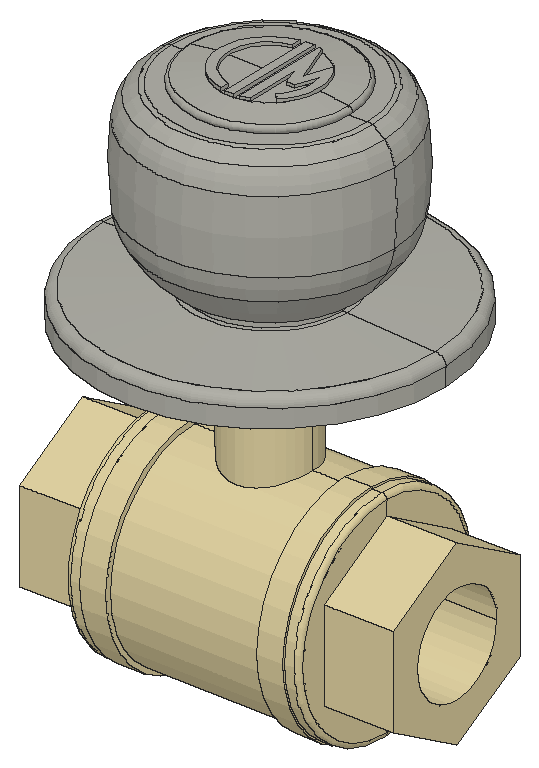
Revit family "QD20330000", category Apparecchi idraulici, Revit 2020
Family settings
  Quota connettore circolare = Usa diametro
  Tipo di parte = Normale
  Numero OmniClass = 23.45.00.00
  Titolo OmniClass = Sanitary, Laundry, and Cleaning Equipment
  Basato su piano di lavoro = No
  Sempre verticale = Sì
  Taglio con vuoti quando caricato = No
  Condiviso = No
  Punto di calcolo locali = No
Parameters
  URL = "https://web.cimberio.it/index.php/figura/1481?subcategoria_id=43151"
  Temperatura di esercizio = "-20 ÷ 90°C"
  Prospetto di default = 0 mm
  Produttore = "CIMBERIO SPA"
  Pressione nominale = "PN 25"
  Modello = "Cim 26S"
  Materiale = "Prodotto in lega di ottone conforme alla norma EN 12165-CW617N-DW"
  Descrizione = "Utilizzato nei più svariati settori dell'impiantistica: impianti di riscaldamento, condizionamento, idrici, igienico-sanitari, aria compressa e in generale con ogni fluido non corrosivo"
  DN Model [instance] = QD20331020 : QD20331020
  DN [instance] = 20 mm
  Commenti sul tipo = "Realizzato in ottemperanza ai requisiti gestionali della norma EN ISO 9001.\r\nCollaudato al 100% secondo la normativa EN 12266-1"
Reference planes
  plane 1 "Centro (Fronte/Retro)": y = 0
  plane 2: z = 0
  plane 3 "Centro (Sinistra/Destra)": x = 0
Dimensions and locks
  aligned and locked: level to plane 2
Nested families
  nested 1: "QD20331020" at (0, 0, 0), type <- "DN Model", type "QD20331020"
  nested 2: "QD20331020" at (0, 0, 0), type <- "DN Model", type "QD20331020"
  nested 3: "QD20331020" at (0, 0, 0), type <- "DN Model", type "QD20331020"
  nested 4: "QD20331020" at (0, 0, 0), type <- "DN Model", type "QD20331020"
  nested 5: "QD20331020" at (0, 0, 0), type <- "DN Model", type "QD20331020"
  nested 6: "QD20331020" at (0, 0, 0), type <- "DN Model", type "QD20331020"
  nested 7: "QD20331020" at (0, 0, 0), type <- "DN Model", type "QD20331020"
  nested 8: "QD20331020" at (0, 0, 0), type <- "DN Model", type "QD20331020"
  nested 9: "QD20331020" at (0, 0, 0), type <- "DN Model", type "QD20331020"
  nested 10: "QD20331020" at (0, 0, 0), type <- "DN Model", type "QD20331020"
  nested 11: "QD20331020" at (0, 0, 0), type <- "DN Model", type "QD20331020"
  nested 12: "QD20331020" at (0, 0, 0), type <- "DN Model", type "QD20331020"
  nested 13: "QD20331020" at (0, 0, 0), type <- "DN Model", type "QD20331020"
Connectors
  piping at (37.2, 0, 0), diameter 20, driven by "DN"
    settings: on nested 1, index 1, connector inside diameter 609.6 mm, connector length 0 mm, flow factor 0, pipe flow 0.0 L/s, pressure drop 0.0 Pa, fitting loss kfactor 0, connector angle 0.00°, fixture units 0, engagement length 0 mm, angle of deflection 0.00°, flow configuration 0, flow direction 0, fitting loss method 0, system type 7, joint type 0, gender type 0, connector reference index -1, connector utility 0, adjustable connector no, is connector primary yes, connector description ""
  piping at (-37.2, 0, 0), diameter 20, driven by "DN"
    settings: on nested 1, index 2, connector inside diameter 609.6 mm, connector length 0 mm, flow factor 0, pipe flow 0.0 L/s, pressure drop 0.0 Pa, fitting loss kfactor 0, connector angle 0.00°, fixture units 0, engagement length 0 mm, angle of deflection 0.00°, flow configuration 0, flow direction 0, fitting loss method 0, system type 7, joint type 0, gender type 0, connector reference index -1, connector utility 0, adjustable connector no, is connector primary no, connector description ""
Definition of nested family "QD20331020"
  Parameters (values of type "QD20331020")
    Default Elevation = 0 mm
  Reference planes
    plane 1 "Centro (Fronte/Retro)": y = 0
    plane 2: z = 0
    plane 3 "Centro (Sinistra/Destra)": x = 0
  Forms (mm)
    Extrusion 1, solid
      sketch origin (0, 0, 0) x (0, 1, 0) y (0, 0, 1)
        loop
          circle (0, 0) r 10
        loop
          line (0, 18) -> (-15.588, 9) -> (-15.588, -9) -> (0, -18) -> (15.588, -9) -> (15.588, 9) -> (0, 18)
      from -37.2 to -23.2
    Revolve 2, solid
      sketch origin (0, 0, 0) x (1, 0, 0) y (0, 0, 1)
        loop
          arc (23.2, 20.75) -> (22.907, 21.457) -> (22.2, 21.75) r 1
          line (22.2, 21.75) -> (20.2, 21.75) -> (20.2, 10) -> (23.2, 10) -> (23.2, 20.75)
        axis (20.2, 0) -> (23.2, 0)
      angle from 0 to 360
    Revolve 3, solid
      sketch origin (0, 0, 9) x (1, 0, 0) y (0, 0, 1)
        loop
          line (-5, 36) -> (-14.95, 36) -> (-14.45, 35) -> (-10.5, 35)
          arc (-10.5, 35) -> (-9.086, 34.414) -> (-8.5, 33) r 2
          line (-8.5, 33) -> (-8.5, 8) -> (-5, 8) -> (-5, 36)
        axis (0, 36) -> (0, 8)
      angle from 0 to 360
    Revolve 4, solid
      sketch origin (0, 0, 0) x (1, 0, 0) y (0, 0, 1)
        loop
          line (-20.2, 10) -> (20.2, 10) -> (20.2, 22) -> (15, 22) -> (15, 21) -> (-15, 21) -> (-15, 22) -> (-20.2, 22) -> (-20.2, 10)
        axis (-20.2, 0) -> (20.2, 0)
      angle from 0 to 360
    Extrusion 5, solid
      sketch origin (0, 0, 0) x (0, 1, 0) y (0, 0, -1)
        loop
          circle (0, 0) r 10
        loop
          line (0, -18) -> (15.588, -9) -> (15.588, 9) -> (0, 18) -> (-15.588, 9) -> (-15.588, -9) -> (0, -18)
      from -37.2 to -23.2
    Revolve 6, solid
      sketch origin (0, 0, 0) x (-1, 0, 0) y (0, 0, 1)
        loop
          arc (23.2, 20.75) -> (22.907, 21.457) -> (22.2, 21.75) r 1
          line (22.2, 21.75) -> (20.2, 21.75) -> (20.2, 10) -> (23.2, 10) -> (23.2, 20.75)
        axis (20.2, 0) -> (23.2, 0)
      angle from 0 to 360
    Revolve 7, solid
      sketch origin (0, 0, 5.8) x (1, 0, 0) y (0, 0, 1)
        loop
          line (0, 83.233) -> (-10, 83.233)
          arc (-10, 83.233) -> (-12.835, 82.908) -> (-15.659, 82.501) r 100
          arc (-15.659, 82.501) -> (-16.3, 81.754) -> (-15.667, 81.001) r 0.76
          line (-15.667, 81.001) -> (-19.551, 81)
          arc (-19.551, 81) -> (-20.015, 80.945) -> (-20.454, 80.784) r 2.003
          arc (-20.454, 80.784) -> (-21.76, 79.993) -> (-22.931, 79.011) r 9.979
          arc (-22.931, 79.011) -> (-24.103, 76.975) -> (-24.779, 74.726) r 10.233
          arc (-24.779, 74.726) -> (-25.179, 67.501) -> (-24.783, 60.276) r 65.797
          arc (-24.783, 60.276) -> (-24.246, 57.659) -> (-23.235, 55.187) r 14.417
          arc (-23.235, 55.187) -> (-20.449, 51.306) -> (-17, 48) r 26
          line (-17, 48) -> (-14.5, 48) -> (-14.5, 45.7) -> (-15.551, 45.7) -> (-33.103, 44.797)
          arc (-33.103, 44.797) -> (-34.435, 44.194) -> (-35, 42.8) r 2
          line (-35, 42.8) -> (-35, 39.2) -> (0, 39.2) -> (0, 83.233)
        axis (0, 83.233) -> (0, 39.2)
      angle from 0 to 360
    Extrusion 8, solid
      sketch origin (0, 0, 5.8) x (1, 0, 0) y (0, 1, 0)
        loop
          line (-1.9, 7.977) -> (-1.9, 9.818)
          arc (-1.9, 9.818) -> (-10, 0) -> (-1.9, -9.818) r 10
          line (-1.9, -9.818) -> (-1.9, -7.977)
          arc (-1.9, -7.977) -> (-8.2, 0) -> (-1.9, 7.977) r 8.2
        loop
          arc (-0.9, -9.959) -> (0, -10) -> (0.9, -9.959) r 10
          line (0.9, -9.959) -> (0.9, 9.959)
          arc (0.9, 9.959) -> (0, 10) -> (-0.9, 9.959) r 10
          line (-0.9, 9.959) -> (-0.9, -9.959)
        loop
          arc (7.071, -7.071) -> (9.995, -0.325) -> (7.516, 6.597) r 10
          line (7.516, 6.597) -> (5.631, 1.42) -> (2.678, 9.535)
          arc (2.678, 9.535) -> (2.307, 9.726) -> (1.9, 9.818) r 1.635
          line (1.9, 9.818) -> (1.9, -9.818)
          arc (1.9, -9.818) -> (2.812, -9.596) -> (3.7, -9.29) r 10
          line (3.7, -9.29) -> (3.7, 1.464) -> (4.881, -1.782) -> (6.381, -1.782) -> (7.869, 2.305)
          arc (7.869, 2.305) -> (7.945, -2.03) -> (5.798, -5.798) r 8.2
          line (5.798, -5.798) -> (7.071, -7.071)
      from 83.233 to 83.81
  Dimensions and locks
    aligned and locked: level to plane 2
